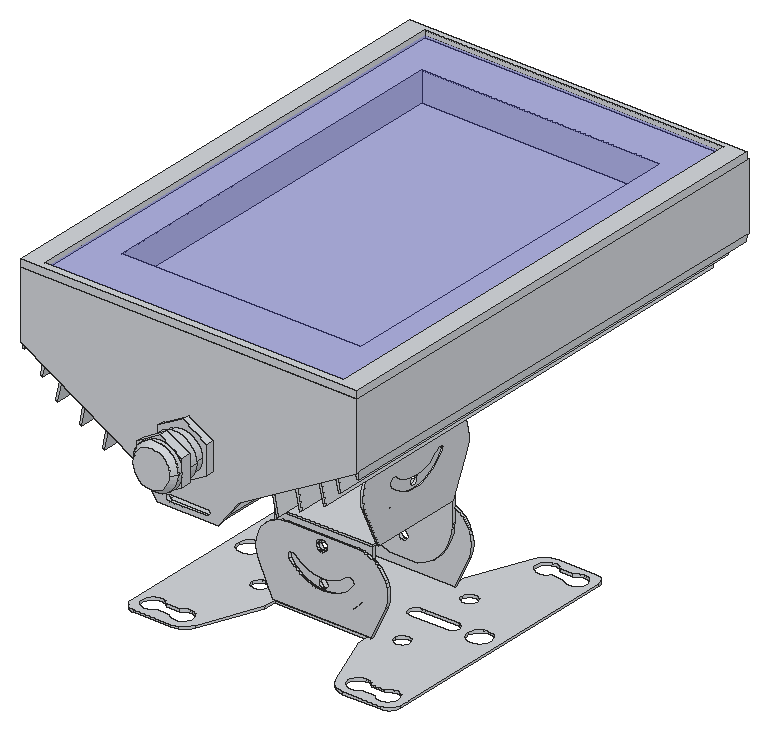
Revit family "STS-10260_RV17_LOD400 — копия", category Электрооборудование, Revit 2017
Family settings
  Конфигурация панели = Два столбца, слева направо
  Размер круглого соединителя = Использовать диаметр
  Тип детали = Щит
  На основе рабочей плоскости = Да
  Всегда вертикально = Нет
  При загрузке вырезать с полостями = Нет
  Общий = Нет
  Точка расчета площади = Нет
Parameters (values of type "STS-10260")
  Цветовая температура, К = 5600
  Угол_влево_вправо [instance] = 0.00°
  Угол_вверх_вниз [instance] = 0.00°
  Угол излучения, град = 15.00°
  Среднее время наработки на отказ, не менее, ч = 30000
  Смещение_УГО_Y [instance] = 0 mm
  Смещение_УГО_X [instance] = 0 mm
  Световой поток, Люмен при мощьности 50% = 1900
  Световой поток, Люмен при мощьности 100% = 3000
  Раздел проекта [instance] = ""
  Раздел Спецификации [instance] = ""
  Потребляемая мощность при 50%, не более, Вт = 25
  Потребляемая мощность при 100%, не более, Вт = 45
  Default Elevation = 1219.2 mm
  Напряжение электропитания постоянного тока, В = "от 10,5 до 30"
  Напряжение = "30"
  Мощность = "45"
  Максимальная и осевая сила света при мощьности 50%, Кд = 28500
  Максимальная и осевая сила света при мощьности 100%, Кд = 50000
  Коэффициент мощности, не более, Вт = 0.998
  Индекс цветопередачи, Ra = 64
  Зона излучения [instance] = yes
  Диапазон рабочих температур, ºС = "от – 40 до + 50"
  Дальность излучения при мощности 100%, не менее, м = 200 mm
  Гальванически развязанный интерфейс управления = "RS-485"
  Время восстановления работоспособности в условиях эксплуатации, не более, мин = 30
  Видимость_УГО [instance] = yes
  Вариант исполнения = "уличный"
  В_Угол_вверх_вниз [instance] = if(and(Угол_вверх_вниз > -45.00°, not(Угол_вверх_вниз > 40.00°)), Угол_вверх_вниз, 0.00°)  # 0.00°
  В_Смещение_УГО_Y [instance] = Смещение_УГО_Y + 2000 mm  # 2000 mm
  В_Смещение_УГО_X [instance] = Смещение_УГО_X + 2000 mm  # 2000 mm
  d_короба = 20 mm
  ADSK_Размер_Ширина = 145 mm
  ADSK_Размер_Длина = 230 mm
  ADSK_Размер_Высота = 73 mm
  ADSK_Примечание = ""
  ADSK_Наименование = "Прожектор видимого диапазона STS-10260"
  ADSK_Масса = 2.3
  ADSK_Марка = "СТВФ.426479.101"
  ADSK_Количество = 1
  ADSK_Завод-изготовитель = "ООО «Основа Безопасности»"  # constant formula
  ADSK_Единица измерения = "шт."  # constant formula
  ADSK_URL страницы изделия = "https://stilsoft.ru/products/prozhektor-vidimogo-diapazona-sts-10260"
  ADSK_URL документации изделия = ""
Reference planes
  plane 1 "По центру (Вперед/Назад)": y = 0
  plane 2: z = 0
  plane 3 "По центру (Влево/Вправо)": x = 0
  plane 4: y = 2000
  plane 5: x = -2000
  plane 6: x = 0
  plane 7: y = 0
  plane 8: z = 73
  plane 9: z = 146
  plane 10: x = 72.5
  plane 11: x = -72.5
  plane 12: y = 115
  plane 13 "1": y = -115
  plane 14: y = -95
  plane 15: z = 29.029
  plane 16: z = 25.783
Forms (mm)
  Extrusion 1, solid, detail levels medium+fine
    sketch origin (0, -0.994, -37.492) x (-1, 0, 0) y (0, 0, -1)
      loop
        line (-15, -70.457) -> (15, -70.457)
        arc (15, -70.457) -> (26.228, -64.464) -> (27.5, -51.8) r 13.516
        line (27.5, -51.8) -> (20.934, -37.492) -> (-20.934, -37.492) -> (-27.5, -51.8)
        arc (-27.5, -51.8) -> (-26.228, -64.464) -> (-15, -70.457) r 13.516
      loop
        circle (0, -66.521) r 2.5
      loop
        arc (11.622, -59.263) -> (13.889, -59.2) -> (14.185, -56.951) r 1.748
        arc (14.185, -56.951) -> (0.829, -49.125) -> (-13.425, -55.163) r 17.248
        arc (-13.425, -55.163) -> (-13.327, -58.017) -> (-10.474, -58.114) r 2.092
        arc (-10.474, -58.114) -> (0.812, -54.112) -> (11.622, -59.263) r 15.645
    from 21 to 22
  Extrusion 2, solid, detail levels medium+fine
    sketch origin (0, 0.994, -37.492) x (-1, 0, 0) y (0, 0, 1)
      loop
        arc (-15, 70.457) -> (-26.228, 64.464) -> (-27.5, 51.8) r 13.516
        line (-27.5, 51.8) -> (-20.934, 37.492) -> (20.934, 37.492) -> (27.5, 51.8)
        arc (27.5, 51.8) -> (26.228, 64.464) -> (15, 70.457) r 13.516
        line (15, 70.457) -> (-15, 70.457)
      loop
        circle (0, 66.521) r 2.5
      loop
        arc (11.622, 59.263) -> (0.812, 54.112) -> (-10.474, 58.114) r 15.645
        arc (-10.474, 58.114) -> (-13.327, 58.017) -> (-13.425, 55.163) r 2.092
        arc (-13.425, 55.163) -> (0.829, 49.125) -> (14.185, 56.951) r 17.248
        arc (14.185, 56.951) -> (13.889, 59.2) -> (11.622, 59.263) r 1.748
    from 21 to 22
  Extrusion 3, solid, detail levels medium+fine
    sketch origin (0, 0, 0) x (1, 0, 0) y (0, 1, 0)
      loop
        line (-20.121, 23.5) -> (-20.121, 28.5) -> (-30.091, 53.272)
        arc (-30.091, 53.272) -> (-32.868, 56.707) -> (-37.091, 58) r 7.545
        line (-37.091, 58) -> (-53.17, 58)
        arc (-53.17, 58) -> (-56.585, 56.585) -> (-58, 53.17) r 4.83
        line (-58, 53.17) -> (-58, -53.17)
        arc (-58, -53.17) -> (-56.585, -56.585) -> (-53.17, -58) r 4.83
        line (-53.17, -58) -> (-37.091, -58)
        arc (-37.091, -58) -> (-32.868, -56.707) -> (-30.091, -53.272) r 7.545
        line (-30.091, -53.272) -> (-20.121, -28.5) -> (-20.121, -23.5) -> (20.121, -23.5) -> (20.121, -28.5) -> (30.091, -53.272)
        arc (30.091, -53.272) -> (32.868, -56.707) -> (37.091, -58) r 7.545
        line (37.091, -58) -> (53.17, -58)
        arc (53.17, -58) -> (56.585, -56.585) -> (58, -53.17) r 4.83
        line (58, -53.17) -> (58, 53.17)
        arc (58, 53.17) -> (56.585, 56.585) -> (53.17, 58) r 4.83
        line (53.17, 58) -> (37.091, 58)
        arc (37.091, 58) -> (32.868, 56.707) -> (30.091, 53.272) r 7.545
        line (30.091, 53.272) -> (20.121, 28.5) -> (20.121, 23.5) -> (-20.121, 23.5)
      loop
        circle (0, 0) r 6.2
      loop
        circle (49.502, 0) r 5
      loop
        circle (-49.502, 0) r 5
      loop
        arc (22, 3) -> (19, 0) -> (22, -3) r 3
        line (22, -3) -> (37.951, -3)
        arc (37.951, -3) -> (40.951, 0) -> (37.951, 3) r 3
        line (37.951, 3) -> (22, 3)
      loop
        line (-22, 3) -> (-37.951, 3)
        arc (-37.951, 3) -> (-40.951, 0) -> (-37.951, -3) r 3
        line (-37.951, -3) -> (-22, -3)
        arc (-22, -3) -> (-19, 0) -> (-22, 3) r 3
      loop
        circle (-30.663, -18.181) r 3.3
      loop
        circle (30.663, -18.181) r 3.3
      loop
        circle (-30.663, 18.181) r 3.3
      loop
        circle (30.663, 18.181) r 3.3
      loop
        arc (-47.08, 53.456) -> (-55.168, 50.741) -> (-47.08, 48.026) r 4.5
        line (-47.08, 48.026) -> (-41.539, 48.026)
        arc (-41.539, 48.026) -> (-33.451, 50.741) -> (-41.539, 53.456) r 4.5
        line (-41.539, 53.456) -> (-47.08, 53.456)
      loop
        line (47.08, 53.456) -> (41.539, 53.456)
        arc (41.539, 53.456) -> (33.451, 50.741) -> (41.539, 48.026) r 4.5
        line (41.539, 48.026) -> (47.08, 48.026)
        arc (47.08, 48.026) -> (55.168, 50.741) -> (47.08, 53.456) r 4.5
      loop
        line (-47.08, -53.456) -> (-41.539, -53.456)
        arc (-41.539, -53.456) -> (-33.451, -50.741) -> (-41.539, -48.026) r 4.5
        line (-41.539, -48.026) -> (-47.08, -48.026)
        arc (-47.08, -48.026) -> (-55.168, -50.741) -> (-47.08, -53.456) r 4.5
      loop
        arc (47.08, -53.456) -> (55.168, -50.741) -> (47.08, -48.026) r 4.5
        line (47.08, -48.026) -> (41.539, -48.026)
        arc (41.539, -48.026) -> (33.451, -50.741) -> (41.539, -53.456) r 4.5
        line (41.539, -53.456) -> (47.08, -53.456)
    from 0 to 1
Lines and regions (mm)
  reference lines
    curve 1: line (0, 0, 29.029) -> (65, 0, 29.029)
Dimensions and locks
  locked: plane 4 to plane 1 "По центру (Вперед/Назад)" at 2000
  locked: plane 5 to plane 3 "По центру (Влево/Вправо)" at 2000
  "В_Смещение_УГО_X": plane 5 to plane 6
  "В_Смещение_УГО_Y": plane 4 to plane 7
  "ADSK_Размер_Высота": plane 9 to plane 8
  plane 11 to plane 10 = 145 mm
  "ADSK_Размер_Длина": plane 12 to plane 13 "1"
  "ADSK_Размер_Ширина": plane 11 to plane 10
  locked: plane 15 to plane 16 at 3.246
  "В_Угол_вверх_вниз": angle plane 16 to curve 1
  aligned and locked: level to plane 2
  aligned and locked: plane 3 "По центру (Влево/Вправо)" to curve 1
  aligned and locked: plane 15 to curve 1
  aligned and locked: nested 1 to curve 1
  aligned and locked: nested 3 to plane 7
  aligned and locked: plane 6 to nested 3
Automatic sketch dimensions
  Extrusion 1 sketch curve to plane 3 "По центру (Влево/Вправо)" = 0 mm  (x2)
  plane 3 "По центру (Влево/Вправо)" to Extrusion 1 sketch curve = 0.285 mm
  plane 3 "По центру (Влево/Вправо)" to Extrusion 1 sketch curve = 11.849 mm
  Extrusion 1 sketch curve to Extrusion 1 sketch curve = 3.151 mm
  level to Extrusion 1 sketch curve = 0 mm
  Extrusion 1 sketch curve to Extrusion 1 sketch curve = 5.934 mm  (x2)
  level to Extrusion 1 sketch curve = 14.308 mm  (x2)
  Extrusion 1 sketch curve to Extrusion 1 sketch curve = 12.5 mm  (x2)
  Extrusion 1 sketch curve to plane 3 "По центру (Влево/Вправо)" = 12.719 mm
  Extrusion 1 sketch curve to Extrusion 1 sketch curve = 2.281 mm
  Extrusion 1 sketch curve to Extrusion 1 sketch curve = 4.738 mm
  Extrusion 1 sketch curve to Extrusion 1 sketch curve = 0.402 mm
  Extrusion 1 sketch curve to Extrusion 1 sketch curve = 0.962 mm
  Extrusion 1 sketch curve to Extrusion 1 sketch curve = 0.184 mm
  Extrusion 1 sketch curve to Extrusion 1 sketch curve = 1.375 mm
  Extrusion 1 sketch curve to Extrusion 1 sketch curve = 1.576 mm
  Extrusion 1 sketch curve to Extrusion 1 sketch curve = 1.097 mm
  Extrusion 1 sketch curve to Extrusion 1 sketch curve = 0.815 mm
  Extrusion 2 sketch curve to plane 3 "По центру (Влево/Вправо)" = 0 mm  (x2)
  plane 3 "По центру (Влево/Вправо)" to Extrusion 2 sketch curve = 0.285 mm
  plane 3 "По центру (Влево/Вправо)" to Extrusion 2 sketch curve = 11.849 mm
  Extrusion 2 sketch curve to Extrusion 2 sketch curve = 3.151 mm
  level to Extrusion 2 sketch curve = 0 mm
  Extrusion 2 sketch curve to Extrusion 2 sketch curve = 5.934 mm  (x2)
  level to Extrusion 2 sketch curve = 14.308 mm  (x2)
  Extrusion 2 sketch curve to Extrusion 2 sketch curve = 12.5 mm  (x2)
  Extrusion 2 sketch curve to plane 3 "По центру (Влево/Вправо)" = 12.719 mm
  Extrusion 2 sketch curve to Extrusion 2 sketch curve = 2.281 mm
  Extrusion 2 sketch curve to Extrusion 2 sketch curve = 4.738 mm
  Extrusion 2 sketch curve to Extrusion 2 sketch curve = 0.402 mm
  Extrusion 2 sketch curve to Extrusion 2 sketch curve = 0.962 mm
  Extrusion 2 sketch curve to Extrusion 2 sketch curve = 0.184 mm
  Extrusion 2 sketch curve to Extrusion 2 sketch curve = 1.375 mm
  Extrusion 2 sketch curve to Extrusion 2 sketch curve = 1.576 mm
  Extrusion 2 sketch curve to Extrusion 2 sketch curve = 1.097 mm
  Extrusion 2 sketch curve to Extrusion 2 sketch curve = 0.815 mm
  Extrusion 1 sketch curve to Extrusion 1 sketch curve = 0.72 mm
  Extrusion 1 sketch curve to Extrusion 1 sketch curve = 3.215 mm
  Extrusion 2 sketch curve to Extrusion 2 sketch curve = 9.798 mm
  Extrusion 2 sketch curve to Extrusion 2 sketch curve = 3.215 mm
  plane 1 "По центру (Вперед/Назад)" to Extrusion 3 sketch curve = 0 mm  (x5)
  Extrusion 3 sketch curve to plane 3 "По центру (Влево/Вправо)" = 0 mm
  Extrusion 3 sketch curve to Extrusion 3 sketch curve = 2.502 mm  (x2)
  Extrusion 3 sketch curve to Extrusion 3 sketch curve = 3.589 mm  (x12)
  Extrusion 3 sketch curve to Extrusion 3 sketch curve = 5.54 mm  (x4)
  Extrusion 3 sketch curve to Extrusion 3 sketch curve = 0 mm  (x4)
  Extrusion 3 sketch curve to plane 1 "По центру (Вперед/Назад)" = 3 mm
  Extrusion 3 sketch curve to Extrusion 3 sketch curve = 11.551 mm  (x2)
  Extrusion 3 sketch curve to Extrusion 3 sketch curve = 4.448 mm  (x2)
  Extrusion 3 sketch curve to Extrusion 3 sketch curve = 7.288 mm  (x2)
  Extrusion 3 sketch curve to Extrusion 3 sketch curve = 7 mm  (x4)
  Extrusion 3 sketch curve to Extrusion 3 sketch curve = 15.951 mm  (x2)
  Extrusion 3 sketch curve to Extrusion 3 sketch curve = 10.542 mm  (x4)
  plane 3 "По центру (Влево/Вправо)" to Extrusion 3 sketch curve = 20.121 mm  (x2)
  plane 1 "По центру (Вперед/Назад)" to Extrusion 3 sketch curve = 3 mm
  Extrusion 3 sketch curve to Extrusion 3 sketch curve = 1.879 mm
  Extrusion 3 sketch curve to Extrusion 3 sketch curve = 9.971 mm  (x4)
  Extrusion 3 sketch curve to Extrusion 3 sketch curve = 0.86 mm  (x2)
  Extrusion 3 sketch curve to Extrusion 3 sketch curve = 2.429 mm  (x7)
  Extrusion 3 sketch curve to Extrusion 3 sketch curve = 0.286 mm  (x3)
  Extrusion 3 sketch curve to Extrusion 3 sketch curve = 25.5 mm  (x2)
  Extrusion 3 sketch curve to Extrusion 3 sketch curve = 5 mm  (x3)
  Extrusion 3 sketch curve to Extrusion 3 sketch curve = 5.319 mm  (x3)
  Extrusion 3 sketch curve to Extrusion 3 sketch curve = 15.181 mm  (x2)
  Extrusion 3 sketch curve to Extrusion 3 sketch curve = 5.144 mm
  Extrusion 3 sketch curve to Extrusion 3 sketch curve = 19.526 mm  (x4)
  Extrusion 3 sketch curve to Extrusion 3 sketch curve = 4.83 mm  (x2)
  Extrusion 3 sketch curve to Extrusion 3 sketch curve = 2.715 mm
  Extrusion 3 sketch curve to Extrusion 3 sketch curve = 6.091 mm  (x2)
  Extrusion 3 sketch curve to plane 3 "По центру (Влево/Вправо)" = 20.121 mm
  radius of Extrusion 1 sketch curve = 2.5 mm
  radius of Extrusion 2 sketch curve = 2.5 mm
  radius of Extrusion 3 sketch curve = 6.2 mm
  radius of Extrusion 3 sketch curve = 5 mm  (x2)
  radius of Extrusion 3 sketch curve = 3.3 mm  (x4)
Nested families
  nested 1: "2" at (0, 0, -0.12), Угол_влево_вправо <- "Угол_влево_вправо", type "кронштейн вверх", detail levels medium+fine
    with Угол_влево_вправо 0.00°, В_Улог по горизонтали 0.00°
  nested 2: "Зона прожектора" at (-0.121, -16.994, 108.399) x (-1, 0, 0) z (0, 0, 1), visible <- "Зона излучения", type "Зона прожектора", detail levels medium+fine
    with Угол по горизонтали 15.00°, Угол по вертикали 15.00°, L2 200000 mm, L 200000 mm, Hv1 103 mm, Hv 52602.74 mm, Hg1 160 mm, H 52602.74 mm, D 52602.74 mm
  nested 3: "УГО_Прожектор беголо света" at (0, 0, 0), visible <- "Видимость_УГО", type "УГО_Прожектор беголо света", detail levels coarse
Definition of nested family "2"
  Parameters (values of type "кронштейн вверх")
    Угол_влево_вправо [instance] = 0.00°
    Default Elevation = 1219.2 mm
    Voltage = "0"
    Wattage = "0"
    В_Улог по горизонтали [instance] = if(and(Угол_влево_вправо > -45.00°, not(Угол_влево_вправо > 45.00°)), Угол_влево_вправо, 0.00°)  # 0.00°
  Reference planes
    plane 1 "По центру (Вперед/Назад)": y = 0
    plane 2: z = 0
    plane 3 "По центру (Влево/Вправо)": x = 0
    plane 4: z = 66.457
    plane 5: z = 59.779
  Forms (mm)
    Extrusion 1, solid
      sketch origin (0, 0, 0) x (0, 1, 0) y (0, 0, 1)
        loop
          arc (-15, 70.457) -> (-26.228, 64.464) -> (-27.5, 51.8) r 13.516
          line (-27.5, 51.8) -> (-20, 35.457) -> (20, 35.457) -> (27.5, 51.8)
          arc (27.5, 51.8) -> (26.228, 64.464) -> (15, 70.457) r 13.516
          line (15, 70.457) -> (-15, 70.457)
        loop
          circle (0, 66.521) r 2.5
        loop
          arc (11.622, 59.263) -> (0.812, 54.112) -> (-10.474, 58.114) r 15.645
          arc (-10.474, 58.114) -> (-13.327, 58.017) -> (-13.425, 55.163) r 2.092
          arc (-13.425, 55.163) -> (0.829, 49.125) -> (14.185, 56.951) r 17.248
          arc (14.185, 56.951) -> (13.889, 59.2) -> (11.622, 59.263) r 1.748
      from 21 to 22
    Extrusion 2, solid
      sketch origin (0, 0, 0) x (0, 1, 0) y (0, 0, -1)
        loop
          line (-15, -70.457) -> (15, -70.457)
          arc (15, -70.457) -> (26.228, -64.464) -> (27.5, -51.8) r 13.516
          line (27.5, -51.8) -> (20, -35.457) -> (-20, -35.457) -> (-27.5, -51.8)
          arc (-27.5, -51.8) -> (-26.228, -64.464) -> (-15, -70.457) r 13.516
        loop
          circle (0, -66.521) r 2.5
        loop
          arc (11.622, -59.263) -> (13.889, -59.2) -> (14.185, -56.951) r 1.748
          arc (14.185, -56.951) -> (0.829, -49.125) -> (-13.425, -55.163) r 17.248
          arc (-13.425, -55.163) -> (-13.327, -58.017) -> (-10.474, -58.114) r 2.092
          arc (-10.474, -58.114) -> (0.812, -54.112) -> (11.622, -59.263) r 15.645
      from 21 to 22
    Extrusion 3, solid
      sketch origin (-0.006, 41.994, -37.543) x (-1, 0, 0) y (0, 0, -1)
        loop
          line (6.014, -43) -> (-6.014, -43)
          arc (-6.014, -43) -> (-16.834, -50.506) -> (-20.994, -63) r 20.841
          line (-20.994, -63) -> (-20.994, -73) -> (20.994, -73) -> (20.994, -63)
          arc (20.994, -63) -> (16.834, -50.506) -> (6.014, -43) r 20.841
        loop
          circle (0, -66.492) r 2
        loop
          circle (0, -51.492) r 2
      from 20 to 21
    Extrusion 4, solid
      sketch origin (-0.006, -41.994, -37.543) x (-1, 0, 0) y (0, 0, 1)
        loop
          arc (6.014, 43) -> (16.834, 50.506) -> (20.994, 63) r 20.841
          line (20.994, 63) -> (20.994, 73) -> (-20.994, 73) -> (-20.994, 63)
          arc (-20.994, 63) -> (-16.834, 50.506) -> (-6.014, 43) r 20.841
          line (-6.014, 43) -> (6.014, 43)
        loop
          circle (0, 66.492) r 2
        loop
          circle (0, 51.492) r 2
      from 20 to 21
    Extrusion 5, solid
      sketch origin (0, 0, 0) x (1, 0, 0) y (0, 0, 1)
        loop
          line (-21, 35.457) -> (20.989, 35.457) -> (20.989, 36.457) -> (-21, 36.457) -> (-21, 35.457)
      from -21.994 to 21.994
  Lines and regions (mm)
    reference lines
      curve 1: line (0, 0, 66.457) -> (0, -112.481, 66.457)
  Dimensions and locks
    locked: plane 4 to plane 5 at 6.678
    "В_Улог по горизонтали": angle plane 5 to curve 1
    aligned and locked: plane 2 to level
    aligned and locked: plane 1 "По центру (Вперед/Назад)" to curve 1
    aligned and locked: plane 4 to curve 1
    aligned and locked: curve 1 to nested 1
  Automatic sketch dimensions
    Extrusion 1 sketch curve to plane 1 "По центру (Вперед/Назад)" = 0 mm  (x2)
    plane 1 "По центру (Вперед/Назад)" to Extrusion 1 sketch curve = 0.285 mm
    plane 1 "По центру (Вперед/Назад)" to Extrusion 1 sketch curve = 11.849 mm
    Extrusion 1 sketch curve to Extrusion 1 sketch curve = 3.151 mm
    plane 1 "По центру (Вперед/Назад)" to Extrusion 1 sketch curve = 20 mm
    Extrusion 1 sketch curve to Extrusion 1 sketch curve = 12.5 mm  (x2)
    Extrusion 1 sketch curve to plane 1 "По центру (Вперед/Назад)" = 12.719 mm
    Extrusion 1 sketch curve to Extrusion 1 sketch curve = 2.281 mm
    Extrusion 1 sketch curve to plane 1 "По центру (Вперед/Назад)" = 20 mm
    Extrusion 1 sketch curve to Extrusion 1 sketch curve = 4.738 mm
    Extrusion 1 sketch curve to Extrusion 1 sketch curve = 0.402 mm
    Extrusion 1 sketch curve to Extrusion 1 sketch curve = 0.962 mm
    Extrusion 1 sketch curve to Extrusion 1 sketch curve = 0.184 mm
    Extrusion 1 sketch curve to Extrusion 1 sketch curve = 3.215 mm
    Extrusion 1 sketch curve to Extrusion 1 sketch curve = 1.375 mm
    Extrusion 1 sketch curve to Extrusion 1 sketch curve = 1.576 mm
    Extrusion 1 sketch curve to Extrusion 1 sketch curve = 1.097 mm
    Extrusion 1 sketch curve to Extrusion 1 sketch curve = 0.815 mm
    Extrusion 2 sketch curve to plane 1 "По центру (Вперед/Назад)" = 0 mm  (x2)
    plane 1 "По центру (Вперед/Назад)" to Extrusion 2 sketch curve = 0.285 mm
    plane 1 "По центру (Вперед/Назад)" to Extrusion 2 sketch curve = 11.849 mm
    Extrusion 2 sketch curve to Extrusion 2 sketch curve = 3.151 mm
    plane 1 "По центру (Вперед/Назад)" to Extrusion 2 sketch curve = 20 mm
    Extrusion 2 sketch curve to Extrusion 2 sketch curve = 12.5 mm  (x2)
    Extrusion 2 sketch curve to plane 1 "По центру (Вперед/Назад)" = 12.719 mm
    Extrusion 2 sketch curve to Extrusion 2 sketch curve = 2.281 mm
    Extrusion 2 sketch curve to plane 1 "По центру (Вперед/Назад)" = 20 mm
    Extrusion 2 sketch curve to Extrusion 2 sketch curve = 4.738 mm
    Extrusion 2 sketch curve to Extrusion 2 sketch curve = 0.402 mm
    Extrusion 2 sketch curve to Extrusion 2 sketch curve = 0.962 mm
    Extrusion 2 sketch curve to Extrusion 2 sketch curve = 0.184 mm
    Extrusion 2 sketch curve to Extrusion 2 sketch curve = 3.215 mm
    Extrusion 2 sketch curve to Extrusion 2 sketch curve = 1.375 mm
    Extrusion 2 sketch curve to Extrusion 2 sketch curve = 1.576 mm
    Extrusion 2 sketch curve to Extrusion 2 sketch curve = 1.097 mm
    Extrusion 2 sketch curve to Extrusion 2 sketch curve = 0.815 mm
    plane 3 "По центру (Влево/Вправо)" to Extrusion 3 sketch curve = 20.989 mm
    plane 3 "По центру (Влево/Вправо)" to Extrusion 3 sketch curve = 6.008 mm
    plane 3 "По центру (Влево/Вправо)" to Extrusion 3 sketch curve = 0.148 mm
    Extrusion 3 sketch curve to plane 3 "По центру (Влево/Вправо)" = 0.006 mm  (x2)
    Extrusion 3 sketch curve to plane 3 "По центру (Влево/Вправо)" = 0.159 mm
    Extrusion 3 sketch curve to plane 3 "По центру (Влево/Вправо)" = 6.02 mm
    Extrusion 3 sketch curve to plane 3 "По центру (Влево/Вправо)" = 21 mm
    Extrusion 3 sketch curve to Extrusion 3 sketch curve = 10 mm
    Extrusion 3 sketch curve to Extrusion 3 sketch curve = 8.492 mm
    plane 3 "По центру (Влево/Вправо)" to Extrusion 4 sketch curve = 20.989 mm
    plane 3 "По центру (Влево/Вправо)" to Extrusion 4 sketch curve = 6.008 mm
    plane 3 "По центру (Влево/Вправо)" to Extrusion 4 sketch curve = 0.148 mm
    Extrusion 4 sketch curve to plane 3 "По центру (Влево/Вправо)" = 0.006 mm  (x2)
    Extrusion 4 sketch curve to plane 3 "По центру (Влево/Вправо)" = 0.159 mm
    Extrusion 4 sketch curve to plane 3 "По центру (Влево/Вправо)" = 6.02 mm
    Extrusion 4 sketch curve to plane 3 "По центру (Влево/Вправо)" = 21 mm
    Extrusion 4 sketch curve to Extrusion 4 sketch curve = 3.492 mm
    Extrusion 4 sketch curve to Extrusion 4 sketch curve = 8.492 mm
    Extrusion 5 sketch curve to plane 3 "По центру (Влево/Вправо)" = 21 mm
    plane 3 "По центру (Влево/Вправо)" to Extrusion 5 sketch curve = 20.989 mm
    Extrusion 1 sketch curve to Extrusion 1 sketch curve = 9.396 mm
    Extrusion 1 sketch curve to Extrusion 1 sketch curve = 16.344 mm  (x2)
    Extrusion 2 sketch curve to Extrusion 2 sketch curve = 12.554 mm
    Extrusion 2 sketch curve to Extrusion 2 sketch curve = 16.344 mm
    level to Extrusion 3 sketch curve = 35.457 mm
    Extrusion 3 sketch curve to Extrusion 3 sketch curve = 3.492 mm
    level to Extrusion 4 sketch curve = 5.457 mm
    Extrusion 4 sketch curve to Extrusion 4 sketch curve = 10 mm
    level to Extrusion 5 sketch curve = 35.457 mm
    Extrusion 5 sketch curve to Extrusion 5 sketch curve = 1 mm
    level to Extrusion 1 sketch curve = 35.457 mm
    level to Extrusion 2 sketch curve = 70.457 mm
    Extrusion 2 sketch curve to Extrusion 2 sketch curve = 0.72 mm
    radius of Extrusion 1 sketch curve = 2.5 mm
    radius of Extrusion 2 sketch curve = 2.5 mm
    radius of Extrusion 3 sketch curve = 2 mm  (x2)
    radius of Extrusion 4 sketch curve = 2 mm  (x2)
  Nested families
    nested 1: "1" at (0, 0, 0.056), type "основа STS-10260"
      with Смещение_УГО_Y 1000 mm, Смещение_УГО_X 1000 mm, Раздел проекта "", Раздел Спецификации "", В_Смещение_УГО_Y 3000 mm, В_Смещение_УГО_X 3000 mm
  Definition of nested family "1"
    Parameters (values of type "основа STS-10260")
      Смещение_УГО_Y [instance] = 1000 mm
      Смещение_УГО_X [instance] = 1000 mm
      Раздел проекта [instance] = ""
      Раздел Спецификации [instance] = ""
      Default Elevation = 1219.2 mm
      Voltage = "30"
      Wattage = "45"
      В_Смещение_УГО_Y [instance] = Смещение_УГО_Y + 2000 mm  # 3000 mm
      В_Смещение_УГО_X [instance] = Смещение_УГО_X + 2000 mm  # 3000 mm
      d_короба = 20 mm
      ADSK_Примечание = ""
      ADSK_Наименование = "Прожектор видимого диапазона STS-10260"
      ADSK_Масса = 2.3
      ADSK_Марка = "СТВФ.426479.101"
      ADSK_Количество = 1
      ADSK_Завод-изготовитель = "ООО «Основа Безопасности»"  # constant formula
      ADSK_Единица измерения = "шт."  # constant formula
      ADSK_URL страницы изделия = "https://stilsoft.ru/products/prozhektor-vidimogo-diapazona-sts-10260"
      ADSK_URL документации изделия = ""
    Reference planes
      plane 1 "По центру (Вперед/Назад)": y = 0
      plane 2: z = 0
      plane 3 "По центру (Влево/Вправо)": x = 0
      plane 4: z = 73
      plane 5: z = 146
      plane 6: x = 72.5
      plane 7: x = -72.5
      plane 8: y = 115
      plane 9 "1": y = -115
      plane 10: x = 58
      plane 11: x = -58
      plane 12: y = -95
    Forms (mm)
      Extrusion 1, solid
        sketch origin (0, 0, 0) x (1, 0, 0) y (0, 1, 0)
          loop
            line (-72.5, 115) -> (-72.5, -95) -> (72.5, -95) -> (72.5, 115) -> (-72.5, 115)
          loop
            line (-64.5, 113.002) -> (-64.5, -91.69) -> (64.5, -91.69) -> (64.5, 113.002) -> (-64.5, 113.002)
        from 143 to 146
      Extrusion 2, solid
        sketch origin (0, 0, 0) x (1, 0, 0) y (0, 1, 0)
          loop
            line (-64.5, 113.002) -> (-64.5, -91.69) -> (64.5, -91.69) -> (64.5, 113.002) -> (-64.5, 113.002)
        from 143 to 144
      Extrusion 3, void
        sketch origin (0, 0, 0) x (1, 0, 0) y (0, 1, 0)
          loop
            line (51.5, 95.053) -> (-51.5, 95.053) -> (-51.5, -66.69) -> (51.5, -66.69) -> (51.5, 95.053)
        from 130 to 144
      Extrusion 4, solid
        sketch origin (0, 0, 0) x (1, 0, 0) y (0, 1, 0)
          loop
            line (-72.5, 115) -> (-72.5, -95) -> (72.5, -95) -> (72.5, 115) -> (-72.5, 115)
        from 114 to 143
      Extrusion 5, solid
        sketch origin (0, -115, 0) x (1, 0, 0) y (0, 0, 1)
          loop
            line (-13.023, 73) -> (13, 73) -> (22, 85) -> (72.5, 114) -> (72.5, 143) -> (-72.5, 143) -> (-72.5, 114) -> (-22, 85) -> (-13.023, 73)
          loop
            line (-8, 74.976) -> (8, 74.976)
            arc (8, 74.976) -> (9.482, 76.458) -> (8, 77.94) r 1.482
            line (8, 77.94) -> (-8, 77.94)
            arc (-8, 77.94) -> (-9.482, 76.458) -> (-8, 74.976) r 1.482
        from -20 to -21.258
      Extrusion 6, solid
        sketch origin (0, 115, 0) x (1, 0, 0) y (0, 0, -1)
          loop
            line (-13.023, -73) -> (-22, -85) -> (-72.5, -114) -> (-72.5, -143) -> (72.5, -143) -> (72.5, -114) -> (22, -85) -> (13, -73) -> (-13.023, -73)
          loop
            arc (-8, -74.976) -> (-9.482, -76.458) -> (-8, -77.94) r 1.482
            line (-8, -77.94) -> (8, -77.94)
            arc (8, -77.94) -> (9.482, -76.458) -> (8, -74.976) r 1.482
            line (8, -74.976) -> (-8, -74.976)
        from 0 to 1
      Extrusion 7, solid
        sketch origin (0, 0, 0) x (1, 0, 0) y (0, 0, 1)
          loop
            line (-22.101, 85.745) -> (21.975, 85.745)
            arc (21.975, 85.745) -> (24.114, 86.631) -> (25, 88.77) r 3.025
            line (25, 88.77) -> (25, 114) -> (-25.126, 114) -> (-25.126, 88.77)
            arc (-25.126, 88.77) -> (-24.24, 86.631) -> (-22.101, 85.745) r 3.025
        from -115 to 93.742
      Extrusion 8, solid
        sketch origin (0, 0, 0) x (1, 0, 0) y (0, 0, 1)
          loop
            line (-32.492, 114) -> (-37.951, 84.631) -> (-37.091, 84.138) -> (-30.663, 114) -> (-32.492, 114)
          loop
            line (-57.989, 96.058) -> (-57.239, 95.708) -> (-53.17, 114) -> (-54.502, 114) -> (-57.989, 96.058)
          loop
            line (-41.714, 114) -> (-43.543, 114) -> (-47.716, 90.331) -> (-47.08, 89.878) -> (-41.714, 114)
          loop
            line (-61.387, 114) -> (-62.775, 114) -> (-64.648, 103.378) -> (-63.817, 103.075) -> (-61.387, 114)
          loop
            line (-72.5, 114) -> (-72.243, 111.062) -> (-71.409, 111.062) -> (-70.891, 114) -> (-72.5, 114)
        from -115 to 93.742
      Extrusion 9, solid
        sketch origin (0, 0, 0) x (-1, 0, 0) y (0, 0, -1)
          loop
            line (-32.492, -114) -> (-30.663, -114) -> (-37.091, -84.138) -> (-37.951, -84.631) -> (-32.492, -114)
          loop
            line (-57.989, -96.058) -> (-54.502, -114) -> (-53.17, -114) -> (-57.239, -95.708) -> (-57.989, -96.058)
          loop
            line (-41.714, -114) -> (-47.08, -89.878) -> (-47.716, -90.331) -> (-43.543, -114) -> (-41.714, -114)
          loop
            line (-61.387, -114) -> (-63.817, -103.075) -> (-64.648, -103.378) -> (-62.775, -114) -> (-61.387, -114)
          loop
            line (-72.5, -114) -> (-70.891, -114) -> (-71.409, -111.062) -> (-72.243, -111.062) -> (-72.5, -114)
        from -115 to 93.742
      Extrusion 10, solid
        sketch origin (0, 0, 0) x (1, 0, 0) y (0, 0, 1)
          loop
            arc (-11.507, 85.745) -> (-12.602, 85.291) -> (-13.055, 84.197) r 1.548
            line (-13.055, 84.197) -> (-13.055, 74.536)
            arc (-13.055, 74.536) -> (-12.602, 73.442) -> (-11.507, 72.989) r 1.548
            line (-11.507, 72.989) -> (11.446, 72.989)
            arc (11.446, 72.989) -> (12.5, 73.425) -> (12.937, 74.48) r 1.491
            line (12.937, 74.48) -> (12.937, 84.245)
            arc (12.937, 84.245) -> (12.498, 85.305) -> (11.437, 85.745) r 1.5
            line (11.437, 85.745) -> (-11.507, 85.745)
          loop
            arc (-9.96, 84.245) -> (-11.053, 83.792) -> (-11.506, 82.698) r 1.547
            line (-11.506, 82.698) -> (-11.506, 76.031)
            arc (-11.506, 76.031) -> (-11.054, 74.938) -> (-9.962, 74.486) r 1.545
            line (-9.962, 74.486) -> (9.933, 74.486)
            arc (9.933, 74.486) -> (11.016, 74.934) -> (11.464, 76.017) r 1.532
            line (11.464, 76.017) -> (11.464, 83.059)
            arc (11.464, 83.059) -> (10.918, 83.913) -> (9.96, 84.245) r 1.547
            line (9.96, 84.245) -> (-9.96, 84.245)
        from -115 to 93.742
      Extrusion 11, solid
        sketch origin (0, 0, 0) x (1, 0, 0) y (0, 1, 0)
          loop
            line (21, 20.994) -> (17.001, 20.994)
            arc (17.001, 20.994) -> (13.465, 22.459) -> (12, 25.996) r 5.001
            line (12, 25.996) -> (12, 30.91)
            arc (12, 30.91) -> (8.371, 36.382) -> (2.156, 38.5) r 10.179
            line (2.156, 38.5) -> (-2.844, 38.5)
            arc (-2.844, 38.5) -> (-8.791, 36.356) -> (-12, 30.91) r 9.317
            line (-12, 30.91) -> (-12, 25.91)
            arc (-12, 25.91) -> (-13.44, 22.434) -> (-16.916, 20.994) r 4.916
            line (-16.916, 20.994) -> (-21, 20.994) -> (-21, -20.994) -> (-17.001, -20.994)
            arc (-17.001, -20.994) -> (-13.465, -22.459) -> (-12, -25.996) r 5.001
            line (-12, -25.996) -> (-12, -30.91)
            arc (-12, -30.91) -> (-8.791, -36.356) -> (-2.844, -38.5) r 9.317
            line (-2.844, -38.5) -> (2.156, -38.5)
            arc (2.156, -38.5) -> (8.371, -36.382) -> (12, -30.91) r 10.179
            line (12, -30.91) -> (12, -25.91)
            arc (12, -25.91) -> (13.44, -22.434) -> (16.916, -20.994) r 4.916
            line (16.916, -20.994) -> (21, -20.994) -> (21, 20.994)
          loop
            circle (0, 32.488) r 1.982
          loop
            circle (0, -32.488) r 1.982
        from 72 to 73
      Extrusion 12, solid
        sketch origin (0, 0, 0) x (0, 1, 0) y (0, 0, 1)
          loop
            arc (6.014, 43) -> (16.834, 50.506) -> (20.994, 63) r 20.841
            line (20.994, 63) -> (20.994, 73) -> (-20.994, 73) -> (-20.994, 63)
            arc (-20.994, 63) -> (-16.834, 50.506) -> (-6.014, 43) r 20.841
            line (-6.014, 43) -> (6.014, 43)
          loop
            circle (0, 66.548) r 2
          loop
            circle (0, 51.548) r 2
        from 20 to 21
      Extrusion 13, solid
        sketch origin (0, 0, 0) x (0, 1, 0) y (0, 0, -1)
          loop
            line (6.014, -43) -> (-6.014, -43)
            arc (-6.014, -43) -> (-16.834, -50.506) -> (-20.994, -63) r 20.841
            line (-20.994, -63) -> (-20.994, -73) -> (20.994, -73) -> (20.994, -63)
            arc (20.994, -63) -> (16.834, -50.506) -> (6.014, -43) r 20.841
          loop
            circle (0, -66.492) r 2
          loop
            circle (0, -51.492) r 2
        from 20 to 21
      Extrusion 14, solid
        sketch origin (0, 0, 0) x (1, 0, 0) y (0, 0, 1)
          loop
            line (10.5, 104.909) -> (0, 110.972) -> (-10.5, 104.909) -> (-10.5, 92.785) -> (0, 86.723) -> (10.5, 92.785) -> (10.5, 104.909)
        from 95 to 98.2
      Extrusion 15, solid
        sketch origin (0, 0, 0) x (1, 0, 0) y (0, 0, 1)
          loop
            circle (0, 98.847) r 8.541
        from 98.5 to 102.5
      Extrusion 16, solid
        sketch origin (0, 0, 0) x (1, 0, 0) y (0, 0, 1)
          loop
            circle (0, 98.873) r 9.396
        from 102.5 to 106.5
      Extrusion 17, solid
        sketch origin (0, 0, 0) x (1, 0, 0) y (0, 0, 1)
          loop
            line (9.672, 104.557) -> (0, 110.141) -> (-9.672, 104.557) -> (-9.672, 93.389) -> (0, 87.805) -> (9.672, 93.389) -> (9.672, 104.557)
        from 106.5 to 110.5
      Extrusion 18, solid
        sketch origin (0, 0, 0) x (1, 0, 0) y (0, 0, 1)
          loop
            circle (0, 98.866) r 9.696
        from 110.5 to 112.5
      Blend 19, solid
        base sketch origin (0, 0, 0) x (1, 0, 0) y (0, 0, 1)
          loop
            circle (0, 98.975) r 9.695
        top sketch origin (0, 0, 0) x (1, 0, 0) y (0, 0, 1)
          loop
            circle (0, 98.975) r 7.921
        from 112.5 to 115
    Cuts and joins
      Extrusion 3 cuts Extrusion 4
      joined: Extrusion 4, Extrusion 5, Extrusion 6
      Extrusion 3 cuts Extrusion 1
    Dimensions and locks
      plane 5 to plane 4 = 73 mm
      plane 7 to plane 6 = 145 mm
      aligned and locked: level to plane 2
Definition of nested family "Зона прожектора"
  Parameters (values of type "Зона прожектора")
    Угол по горизонтали [instance] = 15.00°
    Угол по вертикали [instance] = 15.00°
    Default Elevation = 1219.2 mm
    М_ш = 7.2 mm  # constant formula
    Rv = 2160  # constant formula
    R = 3840  # constant formula
    L2 [instance] = 200000 mm
    L [instance] = L2  # 200000 mm
    K = 73
    Hv1 [instance] = 103 mm
    Hv [instance] = D * Угол по вертикали / Угол по горизонтали  # 52602.74 mm
    Hg1 [instance] = 160 mm
    H [instance] = Hv  # 52602.74 mm
    D [instance] = R / K * 1000 mm  # 52602.74 mm
  Reference planes
    plane 1 "По центру (Вперед/Назад)": y = 0
    plane 2: z = 0
    plane 3 "По центру (Влево/Вправо)": x = 0
    plane 4 "L1": z = 100
  Forms (mm)
    Blend 1, void, detail levels medium+fine
      base sketch origin (0, 0, 0) x (1, 0, 0) y (0, 1, 0)
        loop
          line (-80, 51.5) -> (-80, -51.5) -> (80, -51.5) -> (80, 51.5) -> (-80, 51.5)
      top sketch origin (0, 0, 0) x (1, 0, 0) y (0, 1, 0)
        loop
          line (-26301.37, 26301.37) -> (-26301.37, -26301.37) -> (26301.37, -26301.37) -> (26301.37, 26301.37) -> (-26301.37, 26301.37)
      from 100 to 200000
  Lines and regions (mm)
    model lines, detail levels medium+fine
      curve 1: line (26301.37, 26301.37, 200000) -> (-26301.37, 26301.37, 200000)
      curve 2: line (-26301.37, 26301.37, 200000) -> (-26301.37, -26301.37, 200000)
      curve 3: line (-26301.37, -26301.37, 200000) -> (26301.37, -26301.37, 200000)
      curve 4: line (26301.37, -26301.37, 200000) -> (26301.37, 26301.37, 200000)
      curve 5: line (-26301.37, -26301.37, 200000) -> (-80, -51.5, 100)
      curve 7: line (-80, 51.5, 100) -> (-26301.37, 26301.37, 200000)
      curve 8: line (26301.37, 26301.37, 200000) -> (80, 51.5, 100)
      curve 10: line (80, -51.5, 100) -> (26301.37, -26301.37, 200000)
    model lines
      curve 6: line (-80, -51.5, 100) -> (-80, 51.5, 100)
      curve 9: line (80, 51.5, 100) -> (80, -51.5, 100)
  Dimensions and locks
    plane 4 "L1" to level = 100 mm
    equal spacing: Blend 1 sketch curve, plane 3 "По центру (Влево/Вправо)", Blend 1 sketch curve  (x2)
    equal spacing: Blend 1 sketch curve, plane 1 "По центру (Вперед/Назад)", Blend 1 sketch curve  (x2)
    "H": Blend 1 sketch curve to Blend 1 sketch curve
    "D": Blend 1 sketch curve to Blend 1 sketch curve
    "Hg1": Blend 1 sketch curve to Blend 1 sketch curve
    "Hv1": Blend 1 sketch curve to Blend 1 sketch curve
    "L": Blend 1 to plane 2
    angle Blend 1 to Blend 1 = 14.9459°
    aligned and locked: level to plane 2
    aligned and locked: Blend 1 to curve 1
    aligned and locked: Blend 1 to curve 3
    aligned and locked: Blend 1 to curve 2
    aligned and locked: Blend 1 to curve 4
  Automatic sketch dimensions
    curve 1 to Blend 1 = 0 mm  (x2)
    curve 3 to Blend 1 = 0 mm
    curve 2 to Blend 1 = 0 mm
    Blend 1 to curve 5 = 0 mm
    curve 5 to Blend 1 = 0 mm  (x3)
    Blend 1 to curve 7 = 0 mm
    curve 7 to Blend 1 = 0 mm  (x2)
    curve 8 to Blend 1 = 0 mm  (x2)
    curve 10 to Blend 1 = 0 mm  (x3)
    curve 9 to Blend 1 = 0 mm
    Blend 1 to curve 8 = 0 mm
Definition of nested family "УГО_Прожектор беголо света"
  Reference planes
    plane 1: y = 0
    plane 2: x = 0
  Lines and regions (mm)
    Filled region 1, type "Цветовая область 1"
      outline origin (0, 0, 0) x (1, 0, 0) y (0, 1, 0)
        loop
          line (39.059, 0.017) -> (36.271, -4.117) -> (51.634, 0) -> (36.299, 4.109) -> (39.059, 0.017)
    detail lines
      curve 1: arc (9.788, 15.664, 0) -> (-21.674, -1.441, 0) -> (10.943, -16.224, 0) r 20
      curve 2: line (9.788, 15.664, 0) -> (-11.38, -18.211, 0)
      curve 3: line (10.943, -16.224, 0) -> (-11.334, 16.803, 0)
      curve 4: line (0, 0, 0) -> (51.634, 0, 0)
      curve 5: line (51.634, 0, 0) -> (36.271, 4.117, 0)
      curve 6: line (36.271, 4.117, 0) -> (39.047, 0, 0)
      curve 7: line (51.634, 0, 0) -> (36.271, -4.117, 0)
      curve 8: line (36.271, -4.117, 0) -> (39.047, 0, 0)
